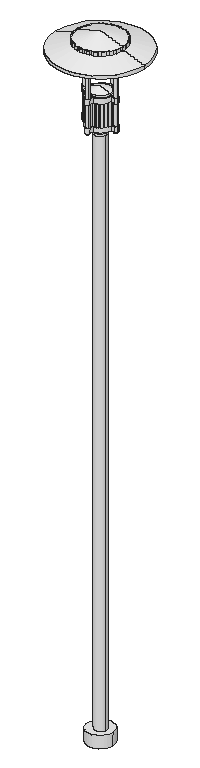
Revit family "BNS1", category Lighting Fixtures, Revit 2021
Family settings
  Round Connector Dimension = Use Diameter
  Part Type = Normal
  Work Plane-Based = No
  Always vertical = Yes
  Cut with Voids When Loaded = No
  Light Source = Yes
  Shared = No
  Room Calculation Point = No
Parameters
  Wattage Comments = "60 LEDs, 66 W"  # constant formula
  Wattage = 12.1178 W
  built-in parameter 1150110 = 1 (stored number, unit not read)
  Voltage = 120 V
  URL = "https://www.currentlighting.com/kimlighting"
  Type Comments = "Lighting Fixture"  # constant formula
  Total Pole Height = 192"
  built-in parameter 1114217 = 1 (stored number, unit not read)
  Tilt Angle = 90.00°
  built-in parameter 1150109 = 1 (stored number, unit not read)
  built-in parameter 1150134 = (empty or 0)
  built-in parameter 1150113 = 1 (stored number, unit not read)
  Series = "Bounce"  # constant formula
  Product Page URL = ""
  Product Documentation Link = ""
  Power Factor = 1  # constant formula
  Pole Visible = yes
  Photometric Web File = "bns1h1e35-60l4k.ies"
  Photometric Notes = "More IES files download on Photometric Web Link"  # constant formula
  OmniClass Title = "Street and Roadway Lighting"  # constant formula
  OmniClass Number = "23-80 70 14 21"  # constant formula
  Number of Poles = 1
  Note Visible = yes
  Note Text = "LF"  # constant formula
  Model = "BNS 1"  # constant formula
  MasterFormat Title = "Parking Lighting, Site Lighting, Walkway Lighting"  # constant formula
  MasterFormat Number = "26 56 16, 26 56 19, 26 56 29"  # constant formula
  Manufacturer = "Kim Lighting"  # constant formula
  Lumens = 1800 lm
  built-in parameter 1150115 = 1 (stored number, unit not read)
  built-in parameter 1150105 = -4998600 (stored number, unit not read)
  Load Classification = Lighting
  built-in parameter 1150137 = (empty or 0)
  built-in parameter 1150139 = (empty or 0)
  built-in parameter 1150112 = 1 (stored number, unit not read)
  built-in parameter 1150114 = 1 (stored number, unit not read)
  Lamp = "LED"  # constant formula
  Inside Material = Metal-Aluminum-Reflective
  Initial Lumens = 0 lm
  built-in parameter 1150132 = 2
  built-in parameter 1150102 = (empty or 0)
  built-in parameter 1150138 = (empty or 0)
  built-in parameter 1150107 = 3000 (stored number, unit not read)
  built-in parameter 1150106 = -49986 (stored number, unit not read)
  Housing Material = Metal-Aluminum Alloy
  Glass Material = Glass-Clear
  Full Load Current = 0 A
  Finish = "All colors shall be a Super TGIC thermoset polyester powder coat paint"
  Emit from Circle Diameter = 8"  # constant formula
  Emit Shape Visible in Rendering = no
  built-in parameter 1150104 = 13.8 (stored number, unit not read)
  Dimming Lamp Color Temperature Shift = <None>
  Description = "Site/ Roadway Luminaire"  # constant formula
  Default Elevation = 0"
  Color Filter = 16777215
  Pole Material = Metal-Aluminum Alloy
  built-in parameter 1114218 = 1 (stored number, unit not read)
  built-in parameter 1150133 = 10 (stored number, unit not read)
  Assembly Code = "D5020200"
  Apparent Load = 0 VA
Reference planes (in)
  plane 1 "Light Source Axis (F/B)": y = 0
  plane 2 "Bottom": z = 0
  plane 3 "Light Source Axis (L/R)": x = 0
  plane 4 "Light Source Elevation": z = 215.25
  plane 5: z = 195
  plane 6: z = 202.5
  plane 7 "Bottom of Head": z = 192
  plane 8 "1": x = -6.5
  plane 9: x = 0
  plane 10: x = 0
  plane 11: x = 0
  plane 12: y = 0
  plane 13: x = 6.5
  plane 14 "Left": x = -15.5
  plane 15 "Right": x = 15.5
  plane 16: z = 216.5
  plane 17: x = -8
  plane 18: x = 8
  plane 19: z = 217.5
  plane 20 "Top": z = 220.68421
  plane 21: z = 205.5
  plane 22: z = 204
  plane 23: z = 193.5
  plane 24: x = -5.5
  plane 25: x = 5.5
  plane 26: x = -2.5
  plane 27: x = 2.5
  plane 28: z = 193
  plane 29: z = 192.75
  plane 30: z = 204.42994
  plane 31: z = 214.5
  plane 32: y = 5.5
  plane 33: y = -5.5
  plane 34: z = 216
  plane 35: z = 219.67105
  plane 36: z = 215.25
Forms (in)
  Revolve 1, solid, material "Metal-Aluminum Alloy" <- "Housing Material", detail levels medium+fine
    sketch origin (0, 0, 152) x (1, 0, 0) y (0, 0, 1)
      loop
        line (0, 71) -> (-8, 68.68421) -> (-8, 67.67105) -> (-15.5, 65.5) -> (-15.5, 64.5) -> (-5.5, 64.5) -> (-5.5, 67.67105) -> (0, 67.67105) -> (0, 71)
      axis (0, 71) -> (0, 64.5)
    angle from 0 to 360
  Blend 2, solid, material "Metal-Aluminum Alloy" <- "Housing Material", detail levels medium+fine
    base sketch origin (-1.58884, -180, 193.5) x (0, -1, 0) y (1, 0, 0)
      loop
        line (-179.15738, -4.01169) -> (-179.15738, -2.83894)
        arc (-179.15738, -2.83894) -> (-176.78812, -1.59492) -> (-175.5441, 0.77434) r 4.5
        line (-175.5441, 0.77434) -> (-174.37135, 0.77434)
        arc (-174.37135, 0.77434) -> (-173.55863, 1.58706) -> (-174.37135, 2.39978) r 0.81272
        line (-174.37135, 2.39978) -> (-175.5441, 2.39978)
        arc (-175.5441, 2.39978) -> (-176.78812, 4.76904) -> (-179.15738, 6.01306) r 4.5
        line (-179.15738, 6.01306) -> (-179.15738, 7.18581)
        arc (-179.15738, 7.18581) -> (-179.9701, 7.99854) -> (-180.78282, 7.18581) r 0.81272
        line (-180.78282, 7.18581) -> (-180.78282, 6.01306)
        arc (-180.78282, 6.01306) -> (-183.15208, 4.76904) -> (-184.3961, 2.39978) r 4.5
        line (-184.3961, 2.39978) -> (-185.56885, 2.39978)
        arc (-185.56885, 2.39978) -> (-186.38036, 1.54255) -> (-185.47997, 0.77921) r 0.81272
        line (-185.47997, 0.77921) -> (-184.397, 0.77921)
        arc (-184.397, 0.77921) -> (-183.15383, -1.59317) -> (-180.78282, -2.83894) r 4.5
        line (-180.78282, -2.83894) -> (-180.78282, -4.01169)
        arc (-180.78282, -4.01169) -> (-179.9701, -4.82441) -> (-179.15738, -4.01169) r 0.81272
    top sketch origin (-1.58884, -180, 193.5) x (0, -1, 0) y (1, 0, 0)
      loop
        line (-179.15738, -4.01169) -> (-179.15738, -2.83894)
        arc (-179.15738, -2.83894) -> (-176.78812, -1.59492) -> (-175.5441, 0.77434) r 4.5
        line (-175.5441, 0.77434) -> (-174.37135, 0.77434)
        arc (-174.37135, 0.77434) -> (-173.55863, 1.58706) -> (-174.37135, 2.39978) r 0.81272
        line (-174.37135, 2.39978) -> (-175.5441, 2.39978)
        arc (-175.5441, 2.39978) -> (-176.78812, 4.76904) -> (-179.15738, 6.01306) r 4.5
        line (-179.15738, 6.01306) -> (-179.15738, 7.18581)
        arc (-179.15738, 7.18581) -> (-179.9701, 7.99854) -> (-180.78282, 7.18581) r 0.81272
        line (-180.78282, 7.18581) -> (-180.78282, 6.01306)
        arc (-180.78282, 6.01306) -> (-183.15208, 4.76904) -> (-184.3961, 2.39978) r 4.5
        line (-184.3961, 2.39978) -> (-185.56885, 2.39978)
        arc (-185.56885, 2.39978) -> (-186.38036, 1.54255) -> (-185.47997, 0.77921) r 0.81272
        line (-185.47997, 0.77921) -> (-184.397, 0.77921)
        arc (-184.397, 0.77921) -> (-183.15383, -1.59317) -> (-180.78282, -2.83894) r 4.5
        line (-180.78282, -2.83894) -> (-180.78282, -4.01169)
        arc (-180.78282, -4.01169) -> (-179.9701, -4.82441) -> (-179.15738, -4.01169) r 0.81272
    from 0 to 1.5
  Blend 3, solid, material "Metal-Aluminum Alloy" <- "Housing Material", detail levels medium+fine
    base sketch origin (-12.21521, -180, 202.5) x (-1, 0, 0) y (0, -1, 0)
      loop
        line (-6.61468, -179.15738) -> (-7.78744, -179.15738)
        arc (-7.78744, -179.15738) -> (-9.03146, -176.78812) -> (-11.40071, -175.5441) r 4.5
        line (-11.40071, -175.5441) -> (-11.40071, -174.37135)
        arc (-11.40071, -174.37135) -> (-12.21344, -173.55863) -> (-13.02616, -174.37135) r 0.81272
        line (-13.02616, -174.37135) -> (-13.02616, -175.5441)
        arc (-13.02616, -175.5441) -> (-15.39542, -176.78812) -> (-16.63944, -179.15738) r 4.5
        line (-16.63944, -179.15738) -> (-17.81219, -179.15738)
        arc (-17.81219, -179.15738) -> (-18.62491, -179.9701) -> (-17.81219, -180.78282) r 0.81272
        line (-17.81219, -180.78282) -> (-16.63944, -180.78282)
        arc (-16.63944, -180.78282) -> (-15.39542, -183.15208) -> (-13.02616, -184.3961) r 4.5
        line (-13.02616, -184.3961) -> (-13.02616, -185.56885)
        arc (-13.02616, -185.56885) -> (-12.16893, -186.38036) -> (-11.40559, -185.47997) r 0.81272
        line (-11.40559, -185.47997) -> (-11.40559, -184.397)
        arc (-11.40559, -184.397) -> (-9.03321, -183.15383) -> (-7.78744, -180.78282) r 4.5
        line (-7.78744, -180.78282) -> (-6.61468, -180.78282)
        arc (-6.61468, -180.78282) -> (-5.80196, -179.9701) -> (-6.61468, -179.15738) r 0.81272
    top sketch origin (-12.21521, -180, 202.5) x (-1, 0, 0) y (0, -1, 0)
      loop
        line (-6.61468, -179.15738) -> (-7.78744, -179.15738)
        arc (-7.78744, -179.15738) -> (-9.03146, -176.78812) -> (-11.40071, -175.5441) r 4.5
        line (-11.40071, -175.5441) -> (-11.40071, -174.37135)
        arc (-11.40071, -174.37135) -> (-12.21344, -173.55863) -> (-13.02616, -174.37135) r 0.81272
        line (-13.02616, -174.37135) -> (-13.02616, -175.5441)
        arc (-13.02616, -175.5441) -> (-15.39542, -176.78812) -> (-16.63944, -179.15738) r 4.5
        line (-16.63944, -179.15738) -> (-17.81219, -179.15738)
        arc (-17.81219, -179.15738) -> (-18.62491, -179.9701) -> (-17.81219, -180.78282) r 0.81272
        line (-17.81219, -180.78282) -> (-16.63944, -180.78282)
        arc (-16.63944, -180.78282) -> (-15.39542, -183.15208) -> (-13.02616, -184.3961) r 4.5
        line (-13.02616, -184.3961) -> (-13.02616, -185.56885)
        arc (-13.02616, -185.56885) -> (-12.16893, -186.38036) -> (-11.40559, -185.47997) r 0.81272
        line (-11.40559, -185.47997) -> (-11.40559, -184.397)
        arc (-11.40559, -184.397) -> (-9.03321, -183.15383) -> (-7.78744, -180.78282) r 4.5
        line (-7.78744, -180.78282) -> (-6.61468, -180.78282)
        arc (-6.61468, -180.78282) -> (-5.80196, -179.9701) -> (-6.61468, -179.15738) r 0.81272
    from 0 to 1.5
  Revolve 4, solid, material "Metal-Aluminum Alloy" <- "Housing Material", detail levels medium+fine
    sketch origin (0, 0, 0) x (1, 0, 0) y (0, 0, 1)
      loop
        line (0, 205.5) -> (-3.5, 204.42994) -> (-3.5, 204) -> (-4.25, 204) -> (-4.25, 193.5) -> (-3.5, 193.5) -> (-3.5, 193) -> (-2.5, 192.75) -> (-2.5, 192) -> (0, 192) -> (0, 205.5)
      axis (0, 205.5) -> (0, 192)
    angle from 0 to 360
  Revolve 5, solid, material "Metal-Aluminum Alloy" <- "Housing Material"
    sketch origin (0, 0, 0) x (1, 0, 0) y (0, 0, 1)
      loop
        line (-5.5, 216) -> (-6.41325, 216) -> (-6.41325, 214.5) -> (-6, 214.5) -> (-6, 193) -> (-5.5, 193) -> (-5.5, 216)
      axis (-5.5, 216) -> (-5.5, 193)
    angle from 0 to 360
  Revolve 6, solid, material "Metal-Aluminum Alloy" <- "Housing Material"
    sketch origin (11, 0, 0) x (1, 0, 0) y (0, 0, 1)
      loop
        line (-5.5, 216) -> (-6.41325, 216) -> (-6.41325, 214.5) -> (-6, 214.5) -> (-6, 193) -> (-5.5, 193) -> (-5.5, 216)
      axis (-5.5, 216) -> (-5.5, 193)
    angle from 0 to 360
  Revolve 7, solid, material "Metal-Aluminum Alloy" <- "Housing Material"
    sketch origin (-7.03767, 5.5, 48) x (-1, 0, 0) y (0, 0, 1)
      loop
        line (-7.03767, 168) -> (-7.03767, 145) -> (-6.53767, 145) -> (-6.53767, 166.5) -> (-6.12442, 166.5) -> (-6.12442, 168) -> (-7.03767, 168)
      axis (-7.03767, 168) -> (-7.03767, 145)
    angle from 0 to 360
  Revolve 8, solid, material "Metal-Aluminum Alloy" <- "Housing Material"
    sketch origin (-7.03767, -5.5, 48) x (-1, 0, 0) y (0, 0, 1)
      loop
        line (-7.03767, 168) -> (-7.03767, 145) -> (-6.53767, 145) -> (-6.53767, 166.5) -> (-6.12442, 166.5) -> (-6.12442, 168) -> (-7.03767, 168)
      axis (-7.03767, 168) -> (-7.03767, 145)
    angle from 0 to 360
  Revolve 9, solid, material "Metal-Aluminum Alloy" <- "Housing Material", detail levels medium+fine
    sketch origin (0, 0, 0) x (1, 0, 0) y (0, 0, 1)
      loop
        line (4.43334, 216.5) -> (4.43334, 216) -> (8, 216) -> (8, 216.5) -> (4.43334, 216.5)
      axis (0, 216.5) -> (0, 216)
    angle from 0 to 360
  Revolve 10, solid, material "Metal-Aluminum-Reflective" <- "Inside Material", detail levels fine
    sketch origin (-0.45062, -0.20767, 14.13481) x (1, 0, 0) y (0, 0, 1)
      loop
        line (0.45062, 206.31438) -> (1.96822, 206.31438) -> (2.47825, 205.26912) -> (3.92917, 205.26912) -> (4.90533, 204.29344) -> (4.90533, 202.36519) -> (5.95062, 202.36519) -> (5.95062, 202.46675) -> (5.00689, 202.46675) -> (5.00689, 204.34172) -> (3.95686, 205.39124) -> (2.56978, 205.39124) -> (2.06978, 206.41594) -> (0.45062, 206.41594) -> (0.45062, 206.31438)
      axis (0.45062, 206.41594) -> (0.45062, 202.36519)
    angle from 0 to 360
  Revolve 11, solid, material "Metal-Aluminum-Reflective" <- "Inside Material", not visible, detail levels fine
    sketch origin (-0.37069, -0.20767, 13.47767) x (1, 0, 0) y (0, 0, 1)
      loop
        line (0.37069, 206.97153) -> (3.47874, 206.97153) -> (3.65238, 206.67077) -> (4.50625, 206.67077) -> (5.76251, 203.02233) -> (5.86992, 203.02233) -> (4.57869, 206.77233) -> (3.71102, 206.77233) -> (3.53738, 207.07309) -> (0.37069, 207.07309) -> (0.37069, 206.97153)
      axis (0.37069, 207.07309) -> (0.37069, 203.02233)
    angle from 0 to 360
  Revolve 12, solid, material "Glass-Clear" <- "Glass Material", not visible, detail levels medium+fine
    sketch origin (0, 0, 0) x (1, 0, 0) y (0, 0, 1)
      loop
        line (0, 216.25) -> (-4.43334, 216.25) -> (-4.43334, 216) -> (0, 216) -> (0, 216.25)
      axis (0, 216.25) -> (0, 216)
    angle from 0 to 360
  Revolve 13, solid, material "Metal-Aluminum Alloy" <- "Housing Material", detail levels coarse
    sketch origin (0, 0, 0) x (1, 0, 0) y (0, 0, 1)
      loop
        line (0, 223) -> (-15.5, 216.5) -> (0, 216.5) -> (0, 223)
      axis (0, 223) -> (0, 216.5)
    angle from 0 to 360
  Revolve 14, solid, material "Metal-Aluminum Alloy" <- "Housing Material", detail levels coarse
    sketch origin (0, 0, 0) x (1, 0, 0) y (0, 0, 1)
      loop
        line (-5.5, 204) -> (-5.5, 193.5) -> (-2.5, 193.5) -> (-2.5, 192) -> (0, 192) -> (0, 204) -> (-5.5, 204)
      axis (0, 204) -> (0, 192)
    angle from 0 to 360
  Extrusion 15, solid, material "Metal-Aluminum Alloy" <- "Housing Material", detail levels fine
    sketch origin (-2.875, -180, 195) x (0, -1, 0) y (-1, 0, 0)
      loop
        line (-184.30234, -2.58591) -> (-184.5, -2.58591) -> (-184.5, -3.16409) -> (-184.30234, -3.16409) -> (-184.23056, -3.70929) -> (-184.42149, -3.76045) -> (-184.27184, -4.31893) -> (-184.08092, -4.26777) -> (-183.87048, -4.77581) -> (-184.04166, -4.87464) -> (-183.75257, -5.37536) -> (-183.58139, -5.27653) -> (-183.24663, -5.71279) -> (-183.3864, -5.85256) -> (-182.97756, -6.2614) -> (-182.83779, -6.12163) -> (-182.40153, -6.45639) -> (-182.50036, -6.62757) -> (-181.99964, -6.91666) -> (-181.90081, -6.74548) -> (-181.39277, -6.95592) -> (-181.44393, -7.14684) -> (-180.88545, -7.29649) -> (-180.83429, -7.10556) -> (-180.28909, -7.17734) -> (-180.28909, -7.375) -> (-179.71091, -7.375) -> (-179.71091, -7.17734) -> (-179.16442, -7.1104) -> (-179.11455, -7.29649) -> (-178.55607, -7.14684) -> (-178.60723, -6.95592) -> (-178.09919, -6.74548) -> (-178.00036, -6.91666) -> (-177.49964, -6.62757) -> (-177.59847, -6.45639) -> (-177.16221, -6.12163) -> (-177.02244, -6.2614) -> (-176.6136, -5.85256) -> (-176.75337, -5.71279) -> (-176.41861, -5.27653) -> (-176.24743, -5.37536) -> (-175.95834, -4.87464) -> (-176.12952, -4.77581) -> (-175.91908, -4.26777) -> (-175.72816, -4.31893) -> (-175.57851, -3.76045) -> (-175.76944, -3.70929) -> (-175.69766, -3.16409) -> (-175.5, -3.16409) -> (-175.5, -2.58591) -> (-175.69766, -2.58591) -> (-175.76944, -2.04071) -> (-175.57851, -1.98955) -> (-175.72816, -1.43107) -> (-175.91908, -1.48223) -> (-176.12952, -0.97419) -> (-175.95834, -0.87536) -> (-176.24743, -0.37464) -> (-176.41861, -0.47347) -> (-176.75337, -0.03721) -> (-176.6136, 0.10256) -> (-177.02244, 0.5114) -> (-177.16221, 0.37163) -> (-177.59847, 0.70639) -> (-177.49964, 0.87757) -> (-178.00036, 1.16666) -> (-178.09919, 0.99548) -> (-178.60723, 1.20592) -> (-178.55607, 1.39684) -> (-179.11455, 1.54649) -> (-179.16571, 1.35556) -> (-179.71091, 1.42734) -> (-179.71091, 1.625) -> (-180.28909, 1.625) -> (-180.28909, 1.42734) -> (-180.83429, 1.35556) -> (-180.88545, 1.54649) -> (-181.44393, 1.39684) -> (-181.39277, 1.20592) -> (-181.90081, 0.99548) -> (-181.99964, 1.16666) -> (-182.50036, 0.87757) -> (-182.40153, 0.70639) -> (-182.83779, 0.37163) -> (-182.97756, 0.5114) -> (-183.3864, 0.10256) -> (-183.24663, -0.03721) -> (-183.58139, -0.47347) -> (-183.75257, -0.37464) -> (-184.04166, -0.87536) -> (-183.87048, -0.97419) -> (-184.08092, -1.48223) -> (-184.27184, -1.43107) -> (-184.42149, -1.98955) -> (-184.23056, -2.04071) -> (-184.30234, -2.58591)
    from 0 to -7.5
  Extrusion 16, solid, material "Metal-Aluminum Alloy" <- "Housing Material", detail levels fine
    sketch origin (0, 31.00597, 219.67105) x (0, 1, 0) y (-1, 0, 0)
      loop
        line (-23.2104, 0.52381) -> (-23.34046, 1.51168) -> (-22.99451, 1.60437) -> (-23.26565, 2.6163) -> (-23.6116, 2.52361) -> (-23.99291, 3.44415) -> (-23.68273, 3.62322) -> (-24.20655, 4.5305) -> (-24.51672, 4.35142) -> (-25.12328, 5.1419) -> (-24.87003, 5.39516) -> (-25.61081, 6.13594) -> (-25.86406, 5.88269) -> (-26.65455, 6.48925) -> (-26.47547, 6.79942) -> (-27.38275, 7.32323) -> (-27.56182, 7.01306) -> (-28.48236, 7.39436) -> (-28.38967, 7.74032) -> (-29.4016, 8.01146) -> (-29.49429, 7.66551) -> (-30.48216, 7.79556) -> (-30.48216, 8.15372) -> (-31.52978, 8.15372) -> (-31.52978, 7.79556) -> (-32.51764, 7.66551) -> (-32.61034, 8.01146) -> (-33.62227, 7.74032) -> (-33.52957, 7.39436) -> (-34.45012, 7.01306) -> (-34.62919, 7.32323) -> (-35.53646, 6.79942) -> (-35.35739, 6.48925) -> (-36.14787, 5.88269) -> (-36.40113, 6.13594) -> (-37.14191, 5.39516) -> (-36.88866, 5.1419) -> (-37.49522, 4.35142) -> (-37.80539, 4.5305) -> (-38.3292, 3.62322) -> (-38.01903, 3.44415) -> (-38.40033, 2.52361) -> (-38.74628, 2.6163) -> (-39.01743, 1.60437) -> (-38.67148, 1.51168) -> (-38.80153, 0.52381) -> (-39.15969, 0.52381) -> (-39.15969, -0.52381) -> (-38.80153, -0.52381) -> (-38.67148, -1.51168) -> (-39.01743, -1.60437) -> (-38.74628, -2.6163) -> (-38.40033, -2.52361) -> (-38.01903, -3.44415) -> (-38.3292, -3.62322) -> (-37.80539, -4.5305) -> (-37.49522, -4.35142) -> (-36.88866, -5.1419) -> (-37.14191, -5.39516) -> (-36.40113, -6.13594) -> (-36.14787, -5.88269) -> (-35.35739, -6.48925) -> (-35.53646, -6.79942) -> (-34.62919, -7.32323) -> (-34.45012, -7.01306) -> (-33.52957, -7.39436) -> (-33.62227, -7.74032) -> (-32.61034, -8.01146) -> (-32.51999, -7.67427) -> (-31.52978, -7.79556) -> (-31.52978, -8.15372) -> (-30.48216, -8.15372) -> (-30.48216, -7.79556) -> (-29.49429, -7.66551) -> (-29.4016, -8.01146) -> (-28.38967, -7.74032) -> (-28.48236, -7.39436) -> (-27.56182, -7.01306) -> (-27.38275, -7.32323) -> (-26.47547, -6.79942) -> (-26.65455, -6.48925) -> (-25.86406, -5.88269) -> (-25.61081, -6.13594) -> (-24.87003, -5.39516) -> (-25.12328, -5.1419) -> (-24.51672, -4.35142) -> (-24.20655, -4.5305) -> (-23.68273, -3.62322) -> (-23.99291, -3.44415) -> (-23.6116, -2.52361) -> (-23.26565, -2.6163) -> (-22.99451, -1.60437) -> (-23.34046, -1.51168) -> (-23.2104, -0.52381) -> (-22.85225, -0.52381) -> (-22.85225, 0.52381) -> (-23.2104, 0.52381)
    from 0 to 1.01316
Lines and regions (in)
  symbolic lines
    curve 1: circle (0, 0, 0) r 15.5 normal (0, 0, 1)
  symbolic lines, detail levels coarse
    curve 2: line (-15.5, 0, 0) -> (15.5, 0, 0)
    curve 3: line (0, 15.5, 0) -> (0, -15.5, 0)
    curve 4: line (-5.5, 0, 192) -> (5.5, 0, 192)
    curve 5: line (0, 0, 223) -> (-15.5, 0, 216.5)
    curve 6: line (-15.5, 0, 216.5) -> (-5.5, 0, 192)
    curve 7: line (5.5, 0, 192) -> (15.5, 0, 216.5)
    curve 8: line (-15.5, 0, 216.5) -> (10.5, 0, 204.25)
    curve 9: line (15.5, 0, 216.5) -> (-10.5, 0, 204.25)
    curve 10: line (15.5, 0, 216.5) -> (0, 0, 223)
    curve 69: line (0, 0, 223) -> (0, 15.5, 216.5)
    curve 70: line (0, 15.5, 216.5) -> (0, 5.5, 192)
    curve 71: line (0, 5.5, 192) -> (0, -5.5, 192)
    curve 72: line (0, -5.5, 192) -> (0, -15.5, 216.5)
    curve 73: line (0, -15.5, 216.5) -> (0, 0, 223)
    curve 74: line (0, 15.5, 216.5) -> (0, -10.5, 204.25)
    curve 75: line (0, -15.5, 216.5) -> (0, 10.5, 204.25)
  symbolic lines, detail levels medium+fine
    curve 11: line (0, 0, 223) -> (-8, 0, 220.68421)
    curve 12: line (-8, 0, 220.68421) -> (-8, 0, 219.64516)
    curve 13: line (-8, 0, 219.64516) -> (-15.5, 0, 217.5)
    curve 14: line (-15.5, 0, 217.5) -> (-15.5, 0, 216.5)
    curve 15: line (-15.5, 0, 216.5) -> (-8, 0, 216.5)
    curve 16: line (15.5, 0, 216.5) -> (15.5, 0, 217.5)
    curve 17: line (15.5, 0, 217.5) -> (8, 0, 219.67105)
    curve 18: line (8, 0, 219.67105) -> (8, 0, 220.68421)
    curve 19: line (8, 0, 220.68421) -> (0, 0, 223)
    curve 20: line (-8, 0, 216.5) -> (-8, 0, 216)
    curve 21: line (-8.25, 0, 216) -> (8, 0, 216)
    curve 22: line (8, 0, 216) -> (8, 0, 216.5)
    curve 23: line (-6.41325, 0, 216) -> (-6.41325, 0, 214.5)
    curve 24: line (-6.41325, 0, 214.5) -> (-4.58675, 0, 214.5)
    curve 25: line (-4.58675, 0, 214.5) -> (-4.58675, 0, 216)
    curve 26: line (-0.91325, 0, 216) -> (-0.91325, 0, 214.5)
    curve 27: line (-0.91325, 0, 214.5) -> (0.91325, 0, 214.5)
    curve 28: line (0.91325, 0, 214.5) -> (0.91325, 0, 216)
    curve 29: line (4.58675, 0, 216) -> (4.58675, 0, 214.5)
    curve 30: line (4.58675, 0, 214.5) -> (6.41325, 0, 214.5)
    curve 31: line (6.41325, 0, 214.5) -> (6.41325, 0, 216)
    curve 32: line (-6, 0, 214.5) -> (-6, 0, 193)
    curve 33: line (-6, 0, 193) -> (-5, 0, 193)
    curve 34: line (-5, 0, 193) -> (-5, 0, 214.5)
    curve 35: line (-0.5, 0, 214.5) -> (-0.5, 0, 193)
    curve 36: line (-0.5, 0, 193) -> (0.5, 0, 193)
    curve 37: line (0.5, 0, 193) -> (0.5, 0, 214.5)
    curve 38: line (5, 0, 214.5) -> (5, 0, 193)
    curve 39: line (5, 0, 193) -> (6, 0, 193)
    curve 40: line (6, 0, 193) -> (6, 0, 214.5)
    curve 41: line (-6.41325, 0, 204) -> (6.4097, 0, 204)
    curve 42: line (-6.41325, 0, 202.5) -> (-6.41325, 0, 204)
    curve 43: line (6.4097, 0, 202.5) -> (-6.41325, 0, 202.5)
    curve 44: line (6.4097, 0, 204) -> (6.4097, 0, 202.5)
    curve 45: line (-6.41325, 0, 193.5) -> (-6.41325, 0, 195)
    curve 46: line (6.4097, 0, 193.5) -> (-6.41325, 0, 193.5)
    curve 47: line (6.4097, 0, 195) -> (6.4097, 0, 193.5)
    curve 48: line (-3.5, 0, 193.5) -> (-3.5, 0, 193)
    curve 49: line (-3.5, 0, 193) -> (-2.5, 0, 192.75)
    curve 50: line (-2.5, 0, 192.75) -> (-2.5, 0, 192)
    curve 51: line (-2.5, 0, 192) -> (2.5, 0, 192)
    curve 52: line (2.5, 0, 192) -> (2.5, 0, 192.75)
    curve 53: line (2.5, 0, 192.75) -> (3.5, 0, 193)
    curve 54: line (3.5, 0, 193) -> (3.5, 0, 193.5)
    curve 55: line (-4.23056, 0, 202.5) -> (-4.23056, 0, 195)
    curve 56: line (4.23056, 0, 202.5) -> (4.23056, 0, 195)
    curve 67: line (8, 0, 216.5) -> (15.5, 0, 216.5)
    curve 76: line (0, 0, 223) -> (0, 8.02839, 220.68421)
    curve 77: line (0, 8.02839, 220.68421) -> (0, 8.02839, 219.63326)
    curve 78: line (0, 8.02839, 219.63326) -> (0, 15.5, 217.5)
    curve 79: line (0, 15.5, 217.5) -> (0, 15.5, 216.5)
    curve 80: line (0, 15.5, 216.5) -> (0, 8, 216.5)
    curve 81: line (0, 8, 216.5) -> (0, 8, 216)
    curve 82: line (0, 8, 216) -> (0, -8, 216)
    curve 83: line (0, -8, 216) -> (0, -8, 216.5)
    curve 84: line (0, -8, 216.5) -> (0, -15.5, 216.5)
    curve 85: line (0, -15.5, 216.5) -> (0, -15.5, 217.5)
    curve 86: line (0, -15.5, 217.5) -> (0, -7.99149, 219.67105)
    curve 87: line (0, -7.99149, 219.67105) -> (0, -7.99149, 220.68421)
    curve 88: line (0, -7.99149, 220.68421) -> (0, 0, 223)
    curve 89: line (0, 6.41649, 216) -> (0, 6.41649, 214.5)
    curve 90: line (0, 6.41649, 214.5) -> (0, 4.58675, 214.5)
    curve 91: line (0, 4.58675, 214.5) -> (0, 4.58675, 216)
    curve 92: line (0, 5.99581, 214.5) -> (0, 5.99581, 193)
    curve 93: line (0, 5.99581, 193) -> (0, 5, 193)
    curve 94: line (0, 5, 193) -> (0, 5, 214.5)
    curve 95: line (0, 0.91117, 216) -> (0, 0.91117, 214.5)
    curve 96: line (0, 0.91117, 214.5) -> (0, -0.91325, 214.5)
    curve 97: line (0, -0.91325, 214.5) -> (0, -0.91325, 216)
    curve 98: line (0, 0.50491, 214.5) -> (0, 0.50491, 193)
    curve 99: line (0, 0.50491, 193) -> (0, -0.5, 193)
    curve 100: line (0, -0.5, 193) -> (0, -0.5, 214.5)
    curve 101: line (0, -4.5834, 216) -> (0, -4.5834, 214.5)
    curve 102: line (0, -4.5834, 214.5) -> (0, -6.41126, 214.5)
    curve 103: line (0, -6.41126, 214.5) -> (0, -6.41126, 216)
    curve 104: line (0, -4.99965, 214.5) -> (0, -4.99965, 193)
    curve 105: line (0, -4.99965, 193) -> (0, -6, 193)
    curve 106: line (0, -6, 193) -> (0, -6, 214.5)
    curve 107: line (0, 6.38158, 204) -> (0, -6.44137, 204)
    curve 108: line (0, 6.38158, 202.5) -> (0, 6.38158, 204)
    curve 109: line (0, -6.44137, 202.5) -> (0, 6.38158, 202.5)
    curve 110: line (0, -6.44137, 204) -> (0, -6.44137, 202.5)
    curve 111: line (0, 6.38158, 195) -> (0, -6.44137, 195)
    curve 112: line (0, 6.38158, 193.5) -> (0, 6.38158, 195)
    curve 113: line (0, -6.44137, 193.5) -> (0, 6.38158, 193.5)
    curve 114: line (0, -6.44137, 195) -> (0, -6.44137, 193.5)
    curve 115: line (0, 4.30234, 202.5) -> (0, 4.30234, 195)
    curve 116: line (0, -4.42149, 202.5) -> (0, -4.42149, 195)
    curve 117: line (0, 3.5, 193.5) -> (0, 3.5, 193)
    curve 118: line (0, 3.5, 193) -> (0, 2.5, 192.75)
    curve 119: line (0, 2.5, 192.75) -> (0, 2.5, 192)
    curve 120: line (0, 2.5, 192) -> (0, -2.5, 192)
    curve 121: line (0, -2.5, 192) -> (0, -2.5, 192.75)
    curve 122: line (0, -2.5, 192.75) -> (0, -3.5, 193)
    curve 123: line (0, -3.5, 193) -> (0, -3.5, 193.5)
    curve 129: circle (0, 0, 0) r 8 normal (0, 0, 1)
    curve 134: line (6.4097, 0, 195) -> (-6.41325, 0, 195)
  symbolic lines, detail levels fine
    curve 57: line (-3.5, 0, 204) -> (-3.5, 0, 204.42994)
    curve 58: line (-3.5, 0, 204.42994) -> (-0.5, 0, 205.34713)
    curve 59: line (-3.5, 0, 204.42994) -> (-0.5, 0, 204.42994)
    curve 60: line (3.5, 0, 204) -> (3.5, 0, 204.42994)
    curve 61: line (3.5, 0, 204.42994) -> (0.5, 0, 205.34713)
    curve 62: line (3.5, 0, 204.42994) -> (0.5, 0, 204.42994)
    curve 63: line (-3.5, 0, 193) -> (3.5, 0, 193)
    curve 64: line (-15.5, 0, 217.5) -> (15.5, 0, 217.5)
    curve 65: line (-8, 0, 219.64516) -> (8, 0, 219.64516)
    curve 66: line (-8, 0, 220.68421) -> (8, 0, 220.68421)
    curve 68: line (-8, 0, 216.5) -> (8, 0, 216.5)
    curve 124: line (0, 8.02839, 220.68421) -> (0, -7.99149, 220.68421)
    curve 125: line (0, -7.99149, 219.67105) -> (0, 8.00851, 219.67105)
    curve 126: line (0, 15.5, 217.5) -> (0, -15.5, 217.5)
    curve 127: line (0, 8, 216.5) -> (0, -8, 216.5)
    curve 128: line (0, 3.5, 193) -> (0, -3.5, 193)
    curve 130: circle (-5.5, 0, 0) r 0.91325 normal (0, 0, 1)
    curve 131: circle (0, 5.5, 0) r 0.91325 normal (0, 0, 1)
    curve 132: circle (5.5, 0, 0) r 0.91325 normal (0, 0, 1)
    curve 133: circle (0, -5.5, 0) r 0.91325 normal (0, 0, 1)
Dimensions and locks (in)
  plane 8 "1" to Revolve 14 sketch curve = 1"
  equal spacing: plane 14 "Left", plane 3 "Light Source Axis (L/R)", plane 15 "Right"
  locked: plane 14 "Left" to plane 15 "Right" at 31
  plane 17 to plane 3 "Light Source Axis (L/R)" to plane 18 = 8" locked, 8" locked
  plane 8 "1" to plane 3 "Light Source Axis (L/R)" to plane 13 = 6 1/2" locked, 6 1/2" locked
  plane 24 to plane 3 "Light Source Axis (L/R)" to plane 25 = 5 1/2" locked, 5 1/2" locked
  plane 26 to plane 3 "Light Source Axis (L/R)" to plane 27 = 2 1/2" locked, 2 1/2" locked
  plane 32 to plane 1 "Light Source Axis (F/B)" to plane 33 = 5 1/2" locked, 5 1/2" locked
  locked: plane 36 to plane 7 "Bottom of Head" at 23.25
  locked: plane 16 to plane 7 "Bottom of Head" at 24.5
  locked: plane 20 "Top" to plane 7 "Bottom of Head" at 28.68421
  "Total Pole Height": plane 7 "Bottom of Head" to plane 2 "Bottom"
  locked: plane 29 to plane 7 "Bottom of Head" at 0.75
  locked: plane 28 to plane 7 "Bottom of Head" at 1
  locked: plane 23 to plane 7 "Bottom of Head" at 1.5
  locked: plane 6 to plane 7 "Bottom of Head" at 10.5
  locked: plane 34 to plane 7 "Bottom of Head" at 24
  locked: plane 5 to plane 7 "Bottom of Head" at 3
  locked: plane 19 to plane 7 "Bottom of Head" at 25.5
  locked: plane 35 to plane 7 "Bottom of Head" at 27.67105
  locked: plane 22 to plane 7 "Bottom of Head" at 12
  locked: plane 30 to plane 7 "Bottom of Head" at 12.42994
  locked: plane 21 to plane 7 "Bottom of Head" at 13.5
  locked: plane 31 to plane 7 "Bottom of Head" at 22.5
  aligned and locked: plane 4 "Light Source Elevation" to imposter light
  aligned and locked: plane 11 to nested 1
  aligned and locked: Revolve 1 sketch curve to plane 24
  aligned and locked: plane 17 to Revolve 1 sketch curve
  aligned and locked: plane 20 "Top" to Revolve 1
  aligned and locked: plane 20 "Top" to Revolve 1 sketch curve
  aligned and locked: plane 35 to Revolve 1
  aligned and locked: Revolve 9 sketch curve to plane 18
  aligned and locked: plane 16 to Revolve 13 sketch curve  (x2)
  aligned and locked: plane 14 "Left" to Revolve 13 sketch curve
  aligned and locked: Revolve 13 sketch curve to plane 11
  aligned and locked: Revolve 13 sketch curve to Revolve 13 sketch curve  (x3)
  aligned and locked: plane 11 to Revolve 14 sketch curve
  aligned and locked: Revolve 14 sketch curve to plane 22
  aligned and locked: plane 23 to Revolve 14 sketch curve
  aligned and locked: Revolve 14 sketch curve to plane 26
  aligned and locked: plane 7 "Bottom of Head" to Revolve 14 sketch curve
  aligned and locked: Revolve 14 sketch curve to Revolve 14 sketch curve
  aligned and locked: Revolve 1 sketch curve to plane 16
  aligned and locked: Revolve 9 sketch curve to plane 16
  aligned and locked: plane 34 to Revolve 9 sketch curve
  aligned and locked: plane 34 to Revolve 8 sketch curve  (x2)
  aligned and locked: Revolve 8 sketch curve to plane 31
  aligned and locked: plane 28 to Revolve 8 sketch curve  (x2)
  aligned and locked: plane 34 to Revolve 7 sketch curve
  aligned and locked: Revolve 7 sketch curve to plane 31
  aligned and locked: plane 28 to Revolve 7 sketch curve
  aligned and locked: plane 34 to Revolve 5 sketch curve
  aligned and locked: Revolve 5 sketch curve to plane 31
  aligned and locked: plane 28 to Revolve 5 sketch curve
  aligned and locked: plane 34 to Revolve 6 sketch curve
  aligned and locked: Revolve 6 sketch curve to plane 31
  aligned and locked: plane 28 to Revolve 6 sketch curve
  aligned and locked: plane 22 to Revolve 4 sketch curve
  aligned and locked: plane 30 to Revolve 4 sketch curve
  aligned and locked: plane 21 to Revolve 4 sketch curve
  aligned and locked: plane 23 to Revolve 4 sketch curve
  aligned and locked: plane 28 to Revolve 4 sketch curve
  aligned and locked: plane 29 to Revolve 4 sketch curve
  aligned and locked: plane 7 "Bottom of Head" to Revolve 4 sketch curve
  aligned and locked: Revolve 4 sketch curve to plane 26
  aligned and locked: plane 11 to Revolve 4 sketch curve
  aligned and locked: curve 2 to Revolve 1
  aligned and locked: curve 3 to plane 3 "Light Source Axis (L/R)"
  aligned and locked: curve 33 to Revolve 5
  aligned and locked: curve 24 to plane 31
  aligned and locked: curve 27 to plane 31
  aligned and locked: curve 30 to plane 31
  aligned and locked: curve 39 to Revolve 6
  aligned and locked: curve 41 to Blend 3
  aligned and locked: Blend 3 to curve 44
  aligned and locked: Blend 2 to curve 47
  aligned and locked: curve 64 to Revolve 1
  aligned and locked: curve 68 to plane 16
  aligned and locked: curve 71 to plane 7 "Bottom of Head"
  aligned and locked: Revolve 1 to curve 72
  aligned and locked: Revolve 9 to curve 84
  aligned and locked: plane 31 to curve 90
  aligned and locked: Revolve 7 to curve 93
  aligned and locked: plane 31 to curve 96
  aligned and locked: curve 104 to Revolve 8
  aligned and locked: curve 107 to Blend 3
  aligned and locked: curve 110 to Blend 3
  aligned and locked: curve 111 to Blend 2
  aligned and locked: curve 114 to Blend 2
  aligned and locked: curve 71 to curve 120
  aligned and locked: curve 128 to plane 28
  aligned and locked: plane 7 "Bottom of Head" to Revolve 14  (x2)
  aligned and locked: plane 7 "Bottom of Head" to Revolve 4
  aligned and locked: plane 4 "Light Source Elevation" to plane 36
  aligned and locked: plane 36 to imposter light
  aligned and locked: plane 3 "Light Source Axis (L/R)" to nested 2
  aligned and locked: plane 1 "Light Source Axis (F/B)" to nested 2
  aligned and locked: Revolve 1 sketch curve to plane 35
  aligned and locked: curve 134 to Blend 2
Automatic sketch dimensions
  curve 71 to plane 7 "Bottom of Head" = 0"
  curve 71 to plane 33 = 0"
  curve 121 to plane 29 = 0"
  curve 100 to plane 28 = 0"
  curve 76 to plane 1 "Light Source Axis (F/B)" = 0"
  curve 119 to plane 29 = 0"
  curve 71 to plane 32 = 0"
  plane 33 to curve 106 = 1/2"
  curve 102 to curve 106 = 0.41126"
  plane 33 to curve 107 = 0.94137"
  plane 33 to curve 111 = 0.94137"
  plane 33 to curve 87 = 2.49149"
  curve 82 to curve 103 = 1.58874"
  curve 74 to plane 30 = 0.17994"
  curve 74 to curve 107 = 4.05863"
  curve 104 to plane 33 = 0.50035"
  curve 101 to plane 33 = 0.9166"
  curve 116 to plane 33 = 1.07851"
  curve 104 to curve 122 = 1.49965"
  curve 122 to curve 120 = 1"
  plane 1 "Light Source Axis (F/B)" to curve 96 = 0.91325"
  curve 96 to curve 100 = 0.41325"
  curve 98 to plane 1 "Light Source Axis (F/B)" = 0.50491"
  curve 98 to curve 95 = 13/32"
  curve 98 to curve 120 = 1.99509"
  curve 119 to curve 120 = 0"
  curve 118 to curve 128 = 1"
  curve 115 to plane 32 = 1.19766"
  curve 91 to plane 32 = 0.91325"
  curve 94 to plane 32 = 1/2"
  plane 32 to curve 92 = 0.49581"
  curve 92 to curve 112 = 0.38577"
  plane 32 to curve 108 = 0.88158"
  plane 32 to curve 89 = 0.91649"
  curve 89 to curve 81 = 1.58351"
  plane 32 to curve 125 = 2.50851"
  curve 125 to curve 76 = 0.01988"
  curve 75 to plane 30 = 0.17994"
  curve 107 to curve 75 = 4.11842"
  curve 78 to plane 35 = 0.0378"
  curve 1 to curve 129 = 0"  (x2)
  curve 2 to plane 14 "Left" = 0"
  curve 130 to plane 1 "Light Source Axis (F/B)" = 0"
  curve 130 to plane 24 = 0"
  curve 129 to plane 1 "Light Source Axis (F/B)" = 0"
  curve 129 to plane 3 "Light Source Axis (L/R)" = 0"
  curve 131 to plane 3 "Light Source Axis (L/R)" = 0"
  curve 133 to plane 3 "Light Source Axis (L/R)" = 0"
  curve 132 to plane 1 "Light Source Axis (F/B)" = 0"
  curve 132 to plane 25 = 0"
  curve 133 to plane 33 = 0"
  curve 131 to plane 32 = 0"
  Revolve 4 sketch curve to plane 3 "Light Source Axis (L/R)" = 0"
  Revolve 4 sketch curve to plane 7 "Bottom of Head" = 0"
  Revolve 4 sketch curve to plane 21 = 0"
  Revolve 4 sketch curve to plane 26 = 1"  (x2)
  Revolve 4 sketch curve to Revolve 4 sketch curve = 3/4"
  Revolve 5 sketch curve to plane 24 = 0"  (x2)
  Revolve 5 sketch curve to plane 28 = 0"
  Revolve 5 sketch curve to plane 16 = 0"
  plane 8 "1" to Revolve 5 sketch curve = 1/2"
  plane 8 "1" to Revolve 5 sketch curve = 0.08675"
  Revolve 6 sketch curve to plane 25 = 0"  (x2)
  Revolve 6 sketch curve to plane 28 = 0"
  Revolve 6 sketch curve to plane 16 = 0"
  Revolve 6 sketch curve to plane 25 = 1/2"
  Revolve 6 sketch curve to Revolve 6 sketch curve = 0.41325"
  Revolve 7 sketch curve to plane 3 "Light Source Axis (L/R)" = 0"  (x2)
  Revolve 7 sketch curve to plane 28 = 0"
  Revolve 7 sketch curve to plane 16 = 0"
  Revolve 7 sketch curve to Revolve 7 sketch curve = 1/2"
  Revolve 7 sketch curve to Revolve 7 sketch curve = 0.91325"
  Revolve 8 sketch curve to plane 3 "Light Source Axis (L/R)" = 0"  (x2)
  Revolve 8 sketch curve to plane 28 = 0"
  Revolve 8 sketch curve to plane 16 = 0"
  Revolve 8 sketch curve to Revolve 8 sketch curve = 1/2"
  Revolve 8 sketch curve to Revolve 8 sketch curve = 0.91325"
  Revolve 9 sketch curve to plane 3 "Light Source Axis (L/R)" = 0"
  Revolve 9 sketch curve to plane 34 = 0"
  Revolve 9 sketch curve to plane 16 = 0"
  Revolve 9 sketch curve to plane 25 = 1.06666"
  Revolve 10 sketch curve to plane 3 "Light Source Axis (L/R)" = 0"  (x2)
  Revolve 10 sketch curve to plane 16 = 0"
  Revolve 10 sketch curve to plane 25 = 0"
  Revolve 10 sketch curve to plane 20 "Top" = 0.23502"
  plane 27 to Revolve 10 sketch curve = 0.9824"
  Revolve 10 sketch curve to Revolve 10 sketch curve = 13/128"  (x3)
  plane 27 to Revolve 10 sketch curve = 0.47237"
  Revolve 10 sketch curve to plane 35 = 0.145"
  Revolve 10 sketch curve to Revolve 10 sketch curve = 0.09153"
  Revolve 10 sketch curve to plane 35 = 0.26712"
  Revolve 10 sketch curve to plane 27 = 0.97855"
  Revolve 10 sketch curve to Revolve 10 sketch curve = 0.02769"
  Revolve 10 sketch curve to plane 25 = 1.04529"
  Revolve 10 sketch curve to plane 34 = 0.5624"
  plane 16 to Revolve 10 sketch curve = 13/128"
  plane 19 to Revolve 10 sketch curve = 0.92825"
  Revolve 10 sketch curve to Revolve 10 sketch curve = 0.04828"
  plane 20 "Top" to Revolve 10 sketch curve = 0.31779"
  Revolve 11 sketch curve to plane 3 "Light Source Axis (L/R)" = 0"  (x2)
  Revolve 11 sketch curve to plane 16 = 0"
  Revolve 11 sketch curve to plane 20 "Top" = 0.23502"
  Revolve 11 sketch curve to plane 27 = 0.60805"
  Revolve 11 sketch curve to plane 20 "Top" = 0.13345"
  Revolve 11 sketch curve to Revolve 11 sketch curve = 0.05864"  (x2)
  Revolve 11 sketch curve to Revolve 11 sketch curve = 0.17364"
  plane 35 to Revolve 11 sketch curve = 0.47738"
  Revolve 11 sketch curve to Revolve 11 sketch curve = 0.79523"
  Revolve 11 sketch curve to plane 20 "Top" = 0.43421"
  Revolve 11 sketch curve to Revolve 11 sketch curve = 0.07244"
  Revolve 11 sketch curve to plane 25 = 0.10818"
  Revolve 11 sketch curve to plane 25 = 0.00077"
  plane 31 to Revolve 11 sketch curve = 0.28045"
  Revolve 11 sketch curve to Revolve 11 sketch curve = 0.10434"
  Revolve 12 sketch curve to plane 34 = 0"  (x2)
  Revolve 12 sketch curve to plane 3 "Light Source Axis (L/R)" = 0"  (x2)
  Revolve 12 sketch curve to plane 16 = 1/4"
  Revolve 12 sketch curve to plane 24 = 1.06666"
  Revolve 12 sketch curve to Revolve 12 sketch curve = 0"
  plane 20 "Top" to Revolve 13 sketch curve = 2.31579"
  Revolve 14 sketch curve to plane 24 = 0"
  Revolve 14 sketch curve to plane 7 "Bottom of Head" = 0"
  Revolve 14 sketch curve to plane 22 = 0"
  curve 126 to plane 19 = 0"
  curve 106 to plane 31 = 0"
  curve 83 to plane 34 = 0"
  curve 86 to plane 35 = 0"
  curve 124 to plane 20 "Top" = 0"
  Extrusion 15 sketch curve to plane 3 "Light Source Axis (L/R)" = 0.28909"  (x2)
  Extrusion 15 sketch curve to plane 32 = 1"
  Extrusion 15 sketch curve to Extrusion 15 sketch curve = 0.07851"  (x2)
  Extrusion 15 sketch curve to Extrusion 15 sketch curve = 0.19766"  (x5)
  Extrusion 15 sketch curve to Extrusion 15 sketch curve = 0.14964"  (x7)
  Extrusion 15 sketch curve to Extrusion 15 sketch curve = 0.19093"  (x9)
  plane 26 to Extrusion 15 sketch curve = 0.50036"
  Extrusion 15 sketch curve to Extrusion 15 sketch curve = 0.23018"  (x3)
  plane 27 to Extrusion 15 sketch curve = 0.50036"
  plane 27 to Extrusion 15 sketch curve = 0.59919"  (x2)
  Extrusion 15 sketch curve to Extrusion 15 sketch curve = 0.17118"  (x5)
  plane 26 to Extrusion 15 sketch curve = 0.59919"  (x2)
  Extrusion 15 sketch curve to plane 27 = 0.00036"  (x2)
  Extrusion 15 sketch curve to plane 26 = 0.00036"  (x2)
  plane 27 to Extrusion 15 sketch curve = 0.09847"  (x2)
  plane 26 to Extrusion 15 sketch curve = 0.09847"  (x2)
  Extrusion 15 sketch curve to plane 27 = 0.47756"
  Extrusion 15 sketch curve to Extrusion 15 sketch curve = 0.36617"  (x2)
  Extrusion 15 sketch curve to plane 26 = 0.47756"
  Extrusion 15 sketch curve to plane 27 = 0.33779"  (x2)
  Extrusion 15 sketch curve to Extrusion 15 sketch curve = 0.13977"  (x4)
  Extrusion 15 sketch curve to plane 26 = 0.33779"  (x2)
  Extrusion 15 sketch curve to plane 26 = 0.8864"  (x2)
  Extrusion 15 sketch curve to plane 27 = 0.8864"  (x2)
  Extrusion 15 sketch curve to plane 27 = 0.74663"  (x2)
  Extrusion 15 sketch curve to plane 26 = 0.74663"  (x2)
  Extrusion 15 sketch curve to Extrusion 15 sketch curve = 0.4772"  (x2)
  Extrusion 15 sketch curve to plane 26 = 1.08139"  (x2)
  Extrusion 15 sketch curve to Extrusion 15 sketch curve = 0.09883"  (x6)
  Extrusion 15 sketch curve to plane 27 = 1.08139"  (x2)
  Extrusion 15 sketch curve to Extrusion 15 sketch curve = 0.50072"  (x4)
  Extrusion 15 sketch curve to Extrusion 15 sketch curve = 0.55572"  (x4)
  Extrusion 15 sketch curve to Extrusion 15 sketch curve = 0.05116"  (x11)
  Extrusion 15 sketch curve to Extrusion 15 sketch curve = 0.55848"  (x3)
  Extrusion 15 sketch curve to plane 1 "Light Source Axis (F/B)" = 0.28909"  (x2)
  plane 1 "Light Source Axis (F/B)" to Extrusion 15 sketch curve = 0.28909"  (x2)
  Extrusion 15 sketch curve to Extrusion 15 sketch curve = 0.5452"  (x3)
  Extrusion 15 sketch curve to Extrusion 15 sketch curve = 0.54649"
  Extrusion 15 sketch curve to Extrusion 15 sketch curve = 0.04986"
  Extrusion 15 sketch curve to Extrusion 15 sketch curve = 0.55718"
  Extrusion 15 sketch curve to plane 24 = 1.22816"
  Extrusion 15 sketch curve to plane 25 = 1.22816"
  Extrusion 15 sketch curve to Extrusion 15 sketch curve = 0.50804"  (x2)
  Extrusion 15 sketch curve to plane 24 = 1.45834"
  Extrusion 15 sketch curve to plane 25 = 1.45834"
  Extrusion 15 sketch curve to plane 26 = 1.25257"
  Extrusion 15 sketch curve to plane 27 = 1.25257"
  Extrusion 15 sketch curve to Extrusion 15 sketch curve = 0.43627"  (x2)
  Extrusion 15 sketch curve to Extrusion 15 sketch curve = 0.40884"  (x2)
  Extrusion 15 sketch curve to Extrusion 15 sketch curve = 0.33476"  (x2)
  Extrusion 15 sketch curve to Extrusion 15 sketch curve = 0.28909"  (x2)
  Extrusion 15 sketch curve to Extrusion 15 sketch curve = 0.21044"  (x3)
  Extrusion 15 sketch curve to Extrusion 15 sketch curve = 0.07178"  (x3)
  Extrusion 15 sketch curve to Extrusion 15 sketch curve = 0.69046"
  Extrusion 15 sketch curve to Extrusion 15 sketch curve = 0.03049"
  Extrusion 15 sketch curve to Extrusion 15 sketch curve = 0"
  plane 3 "Light Source Axis (L/R)" to Extrusion 15 sketch curve = 0.28909"  (x2)
  Extrusion 15 sketch curve to Extrusion 15 sketch curve = 0.06694"
  Extrusion 16 sketch curve to plane 3 "Light Source Axis (L/R)" = 0.52381"  (x2)
  plane 33 to Extrusion 16 sketch curve = 2.65372"
  plane 27 to Extrusion 16 sketch curve = 0.89563"
  Extrusion 16 sketch curve to Extrusion 16 sketch curve = 0.14226"  (x2)
  plane 26 to Extrusion 16 sketch curve = 0.89563"
  Extrusion 16 sketch curve to Extrusion 16 sketch curve = 0.35815"  (x3)
  Extrusion 16 sketch curve to plane 27 = 0.1163"  (x2)
  Extrusion 16 sketch curve to Extrusion 16 sketch curve = 0.27115"  (x4)
  Extrusion 16 sketch curve to plane 26 = 0.1163"  (x2)
  plane 26 to Extrusion 16 sketch curve = 0.98832"  (x2)
  plane 27 to Extrusion 16 sketch curve = 0.98832"  (x2)
  Extrusion 16 sketch curve to plane 26 = 0.02361"  (x2)
  Extrusion 16 sketch curve to plane 27 = 0.02361"  (x2)
  Extrusion 16 sketch curve to Extrusion 16 sketch curve = 0.41708"  (x2)
  Extrusion 16 sketch curve to plane 27 = 0.94415"  (x2)
  Extrusion 16 sketch curve to Extrusion 16 sketch curve = 0.31017"  (x8)
  Extrusion 16 sketch curve to plane 26 = 0.94415"  (x2)
  Extrusion 16 sketch curve to Extrusion 16 sketch curve = 0.52381"  (x4)
  Extrusion 16 sketch curve to plane 24 = 0.10484"  (x2)
  plane 33 to Extrusion 16 sketch curve = 0.63594"  (x2)
  Extrusion 16 sketch curve to plane 25 = 0.10484"  (x2)
  Extrusion 16 sketch curve to Extrusion 16 sketch curve = 0.25325"  (x6)
  Extrusion 16 sketch curve to plane 33 = 0.10484"  (x2)
  Extrusion 16 sketch curve to plane 33 = 0.3581"  (x2)
  Extrusion 16 sketch curve to plane 8 "1" = 0.29942"
  Extrusion 16 sketch curve to plane 33 = 0.9695"  (x2)
  Extrusion 16 sketch curve to plane 13 = 0.29942"
  plane 8 "1" to Extrusion 16 sketch curve = 0.01075"  (x2)
  Extrusion 16 sketch curve to Extrusion 16 sketch curve = 0.17908"  (x5)
  plane 13 to Extrusion 16 sketch curve = 0.01075"  (x2)
  plane 18 to Extrusion 16 sketch curve = 0.67677"  (x2)
  plane 17 to Extrusion 16 sketch curve = 0.67677"  (x2)
  Extrusion 16 sketch curve to plane 13 = 0.51306"  (x2)
  Extrusion 16 sketch curve to plane 8 "1" = 0.51306"  (x2)
  plane 17 to Extrusion 16 sketch curve = 0.25968"
  Extrusion 16 sketch curve to Extrusion 16 sketch curve = 1.00692"  (x2)
  plane 18 to Extrusion 16 sketch curve = 0.25968"
  plane 17 to Extrusion 16 sketch curve = 0.60564"  (x2)
  Extrusion 16 sketch curve to Extrusion 16 sketch curve = 0.0927"  (x4)
  plane 18 to Extrusion 16 sketch curve = 0.60564"  (x2)
  Extrusion 16 sketch curve to plane 17 = 0.01146"  (x2)
  Extrusion 16 sketch curve to plane 18 = 0.01146"  (x2)
  plane 18 to Extrusion 16 sketch curve = 0.32573"
  plane 17 to Extrusion 16 sketch curve = 0.33449"  (x2)
  Extrusion 16 sketch curve to plane 18 = 0.15372"
  plane 1 "Light Source Axis (F/B)" to Extrusion 16 sketch curve = 0.52381"  (x2)
  Extrusion 16 sketch curve to plane 17 = 0.15372"
  Extrusion 16 sketch curve to plane 1 "Light Source Axis (F/B)" = 0.52381"  (x2)
  Extrusion 16 sketch curve to Extrusion 16 sketch curve = 0.98786"  (x2)
  plane 18 to Extrusion 16 sketch curve = 0.33449"
  Extrusion 16 sketch curve to Extrusion 16 sketch curve = 1.01193"  (x2)
  Extrusion 16 sketch curve to Extrusion 16 sketch curve = 0.92054"  (x2)
  Extrusion 16 sketch curve to Extrusion 16 sketch curve = 0.90727"  (x2)
  Extrusion 16 sketch curve to plane 32 = 0.3581"  (x2)
  Extrusion 16 sketch curve to plane 32 = 0.10484"  (x2)
  plane 32 to Extrusion 16 sketch curve = 0.38269"  (x2)
  plane 32 to Extrusion 16 sketch curve = 0.98925"  (x2)
  Extrusion 16 sketch curve to plane 26 = 1.12322"
  Extrusion 16 sketch curve to plane 27 = 1.12322"
  Extrusion 16 sketch curve to Extrusion 16 sketch curve = 0.3813"  (x2)
  Extrusion 16 sketch curve to Extrusion 16 sketch curve = 0.34595"  (x2)
  plane 3 "Light Source Axis (L/R)" to Extrusion 16 sketch curve = 0.52381"  (x2)
  Extrusion 16 sketch curve to Extrusion 16 sketch curve = 0.13005"  (x2)
  plane 18 to Extrusion 16 sketch curve = 0.20444"  (x2)
  plane 13 to Extrusion 16 sketch curve = 0.36406"  (x2)
  Extrusion 16 sketch curve to plane 25 = 0.9695"
  plane 17 to Extrusion 16 sketch curve = 0.20444"  (x2)
  Blend 2 sketch curve to Blend 2 sketch curve = 0"  (x24)
  plane 32 to Blend 2 sketch curve = 0.06885"  (x2)
  Blend 2 sketch curve to plane 32 = 0.02003"  (x2)
  Blend 2 sketch curve to Blend 2 sketch curve = 1.08297"  (x2)
  Blend 2 sketch curve to plane 32 = 1.1039"  (x2)
  plane 25 to Blend 2 sketch curve = 0.09698"  (x2)
  Blend 2 sketch curve to plane 1 "Light Source Axis (F/B)" = 0.78282"  (x4)
  plane 24 to Blend 2 sketch curve = 0.10053"  (x2)
  Blend 2 sketch curve to plane 3 "Light Source Axis (L/R)" = 0.00177"  (x6)
  plane 1 "Light Source Axis (F/B)" to Blend 2 sketch curve = 0.0299"  (x6)
  Blend 2 sketch curve to plane 33 = 1.0441"  (x4)
  plane 33 to Blend 2 sketch curve = 0.12865"  (x2)
  Blend 2 sketch curve to Blend 2 sketch curve = 1.17275"  (x4)
  Blend 3 sketch curve to Blend 3 sketch curve = 0"  (x24)
  plane 25 to Blend 3 sketch curve = 0.09698"  (x2)
  Blend 3 sketch curve to plane 25 = 1.07577"  (x4)
  plane 3 "Light Source Axis (L/R)" to Blend 3 sketch curve = 0.81095"  (x4)
  plane 32 to Blend 3 sketch curve = 0.06885"  (x2)
  Blend 3 sketch curve to plane 3 "Light Source Axis (L/R)" = 0.00177"  (x6)
  Blend 3 sketch curve to plane 32 = 0.02003"  (x2)
  Blend 3 sketch curve to plane 24 = 1.07223"  (x4)
  plane 24 to Blend 3 sketch curve = 0.10053"  (x2)
  Blend 3 sketch curve to Blend 3 sketch curve = 1.08297"  (x2)
  Blend 3 sketch curve to Blend 3 sketch curve = 1.17275"  (x2)
  Blend 3 sketch curve to plane 1 "Light Source Axis (F/B)" = 0.78282"  (x2)
  plane 1 "Light Source Axis (F/B)" to Blend 3 sketch curve = 0.0299"  (x4)
  plane 33 to Blend 3 sketch curve = 0.12865"  (x2)
  Revolve 1 sketch curve to plane 14 "Left" = 0"
  Revolve 1 sketch curve to plane 3 "Light Source Axis (L/R)" = 0"  (x2)
  Revolve 1 sketch curve to plane 19 = 0"
  Revolve 1 sketch curve to plane 35 = 0"
  plane 21 to Revolve 1 sketch curve = 1 1/2"
  plane 20 "Top" to Revolve 1 sketch curve = 2.31579"
  Revolve 1 sketch curve to Revolve 1 sketch curve = 8"
  curve 13 to plane 14 "Left" = 0"
  curve 21 to plane 34 = 0"
  curve 15 to plane 17 = 0"
  curve 65 to plane 17 = 0"
  curve 66 to plane 17 = 0"
  curve 6 to plane 7 "Bottom of Head" = 0"
  curve 6 to plane 24 = 0"
  curve 57 to plane 30 = 0"
  curve 63 to plane 28 = 0"
  curve 50 to plane 26 = 0"
  curve 36 to plane 28 = 0"
  curve 11 to plane 3 "Light Source Axis (L/R)" = 0"
  curve 62 to plane 30 = 0"
  curve 53 to plane 27 = 0"
  curve 4 to plane 25 = 0"
  curve 67 to plane 18 = 0"
  curve 17 to plane 18 = 0"
  curve 65 to plane 18 = 0"
  curve 51 to plane 7 "Bottom of Head" = 0"
  curve 52 to plane 29 = 0"
  curve 50 to plane 29 = 0"
  curve 17 to plane 35 = 0"
  curve 18 to plane 20 "Top" = 0"
  curve 9 to plane 30 = 0.17994"
  curve 21 to curve 20 = 1/4"
  plane 8 "1" to curve 43 = 0.08675"
  plane 8 "1" to curve 45 = 0.08675"
  plane 8 "1" to curve 23 = 0.08675"
  plane 8 "1" to curve 33 = 1/2"
  curve 34 to plane 24 = 1/2"
  curve 25 to plane 24 = 0.91325"
  curve 55 to plane 24 = 1.26944"
  curve 57 to plane 26 = 1"
  curve 48 to plane 26 = 1"
  curve 26 to plane 3 "Light Source Axis (L/R)" = 0.91325"
  curve 59 to plane 3 "Light Source Axis (L/R)" = 1/2"
  plane 3 "Light Source Axis (L/R)" to curve 62 = 1/2"
  curve 37 to curve 27 = 0.41325"
  curve 60 to plane 27 = 1"
  curve 63 to plane 27 = 1"
  curve 56 to plane 25 = 1.26944"
  curve 30 to plane 25 = 0.91325"
  curve 38 to plane 25 = 1/2"
  plane 13 to curve 39 = 1/2"
  plane 13 to curve 47 = 0.0903"
  plane 13 to curve 44 = 0.0903"
  plane 13 to curve 30 = 0.08675"
  curve 8 to plane 30 = 0.17994"
  curve 61 to plane 21 = 0.15287"
  curve 58 to plane 21 = 0.15287"
  curve 65 to curve 17 = 0.02589"
  radius of curve 129 = 8"
  radius of curve 130 = 0.91325"
  radius of curve 131 = 0.91325"
  radius of curve 132 = 0.91325"
  radius of curve 133 = 0.91325"
Nested families (in)
  nested 1: "Notation" at (0, 16.27566, 0), visible <- "Note Visible", type "Notation"
  nested 2: "Lighting_Fixture-Kim_Lighting-Post" at (0, 0, 0), visible <- "Pole Visible", type "Lighting_Fixture-Kim_Lighting-Post"
Connectors (in)
  electrical at (0, 0, 192), driven by "Power Factor", driven by "Apparent Load", driven by "Voltage", driven by "Number of Poles", driven by "Apparent Load", driven by "Load Classification"
    settings: on Revolve 4, index 1, voltage 120 V, apparent load 0 VA, apparent load phase1 0 VA, apparent load phase2 0 VA, apparent load phase3 0 VA, power factor 1, load classification "Lighting", number of poles 1, system type 30, power factor state 1, is connector primary yes, connector utility no, sub classification motor no, connector description "Lighting Connector"
Definition of nested family "Lighting_Fixture-Kim_Lighting-Post"
  Parameters
    URL = "www.kimlighting.com"
    Total Pole Height = 192"
    Series = "Site/Roadway"  # constant formula
    Revisions Date = "1/11/10"  # constant formula
    Default Elevation = 0"
    Cap Radius = Pole Radius + 1/8"  # 2 1/8"
    Base Radius = 4 1/2"  # constant formula
    Pole Radius = 2"  # constant formula
    OmniClass Title = "Lighting Poles and Standards"  # constant formula
    OmniClass Number = "23.60.30.24.14"  # constant formula
    Model = ""
    Material = none
    MasterFormat Title = "Lighting Poles and Standards"  # constant formula
    MasterFormat Number = "26.56.13"  # constant formula
    Manufacturer = "KIM Lighting"  # constant formula
    LEED = "www.usgbc.org"
    Height of Base = 4"  # constant formula
    Description = "Lighting Post"  # constant formula
    Assembly Code = "D5020280"
    Architectural Design Manual = ""
  Reference planes (in)
    plane 1 "Center (Front/Back)": y = 0
    plane 2: z = 4
    plane 3 "Center (Left/Right)": x = 0
    plane 4 "Top": z = 192
    plane 5: y = -2
    plane 6: y = -4.5
    plane 7: x = -4.5
    plane 8: x = 4.5
    plane 9: y = 4.5
  Forms (in)
    Extrusion 1, solid, material <- "Material", detail levels medium+fine
      sketch origin (0, 0, 0) x (1, 0, 0) y (0, 1, 0)
        loop
          circle (0, 0) r 4.5
      from 0 to 4
    Extrusion 2, solid, material <- "Material"
      sketch origin (0, 0, 4) x (1, 0, 0) y (0, 1, 0)
        loop
          circle (0, 0) r 2
      from -4 to 188
    Extrusion 3, solid, material <- "Material", detail levels fine
      sketch origin (0, 0, 0) x (1, 0, 0) y (0, 1, 0)
        loop
          circle (0, 0) r 2.125
      from 190.99811 to 192
  Lines and regions (in)
    Masking region 1, detail levels medium+fine
      outline origin (0, 0, 0) x (1, 0, 0) y (0, 1, 0)
        loop
          circle (0, 0) r 4.5
    Masking region 2, detail levels medium+fine
      outline origin (0, 0, 0) x (1, 0, 0) y (0, 0, 1)
        loop
          line (-4.5, 0) -> (4.5, 0) -> (4.5, 4) -> (2, 4) -> (2, 192) -> (-2, 192) -> (-2, 4) -> (-4.5, 4) -> (-4.5, 0)
    Masking region 3, detail levels medium+fine
      outline origin (0, 0, 0) x (0, 1, 0) y (0, 0, 1)
        loop
          line (4.5, 0) -> (4.5, 4) -> (2, 4) -> (2, 192) -> (-2, 192) -> (-2, 4) -> (-4.5, 4) -> (-4.5, 0) -> (4.5, 0)
    Masking region 4, detail levels coarse
      outline origin (0, 0, 0) x (1, 0, 0) y (0, 0, 1)
        loop
          line (-2, 192) -> (-2, 0) -> (2, 0) -> (2, 192) -> (-2, 192)
    Masking region 5, detail levels coarse
      outline origin (0, 0, 0) x (0, 1, 0) y (0, 0, 1)
        loop
          line (2, 192) -> (-2, 192) -> (-2, 0) -> (2, 0) -> (2, 192)
    Masking region 6, detail levels fine
      outline origin (0, 0, 0) x (1, 0, 0) y (0, 0, 1)
        loop
          line (-2.125, 192) -> (-2.125, 190.99811) -> (2.125, 190.99811) -> (2.125, 192) -> (-2.125, 192)
    symbolic lines, detail levels fine
      curve 1: circle (0, 0, 0) r 2 normal (0, 0, 1)
      curve 2: circle (0, 0, 0) r 4.5 normal (0, 0, 1)
      curve 3: line (-2, 0, 4) -> (2, 0, 4)
      curve 4: line (0, 2, 4) -> (0, -2, 4)
    symbolic lines, detail levels coarse
      curve 5: line (-4.5, 4.5, 0) -> (4.5, 4.5, 0)
      curve 6: line (-4.5, -4.5, 0) -> (-4.5, 4.5, 0)
      curve 7: line (4.5, -4.5, 0) -> (-4.5, -4.5, 0)
      curve 8: line (4.5, 4.5, 0) -> (4.5, -4.5, 0)
  Dimensions and locks (in)
    "Height of Base": plane 2 to level
    "Total Pole Height": plane 4 "Top" to level
    "Pole Radius": plane 1 "Center (Front/Back)" to plane 5
    "Base Radius": plane 1 "Center (Front/Back)" to plane 6
    Masking region 2 sketch curve to Masking region 2 sketch curve to plane 3 "Center (Left/Right)" to Masking region 2 sketch curve to Masking region 2 sketch curve = 2 1/2" locked, 2" locked, 2" locked, 2 1/2" locked
    Masking region 3 sketch curve to Masking region 3 sketch curve to plane 1 "Center (Front/Back)" to Masking region 3 sketch curve to Masking region 3 sketch curve = 2 1/2" locked, 2" locked, 2" locked, 2 1/2" locked
    "Pole Radius": plane 3 "Center (Left/Right)" to Masking region 4 sketch curve
    "Pole Radius": Masking region 4 sketch curve to plane 3 "Center (Left/Right)"
